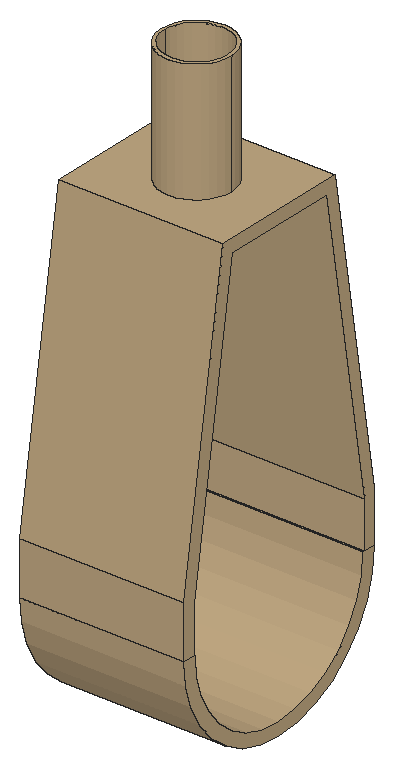
Revit family "7015 Swivel Ring Hanger Cu", category Pipe Accessories, Revit 2018
Family settings
  Round Connector Dimension = Use Diameter
  Part Type = Valve - Breaks Into
  Work Plane-Based = No
  Always vertical = Yes
  Cut with Voids When Loaded = No
  Shared = No
Parameters (values of type "7015 Swivel Ring Hanger Cu")
  test [instance] = pipe radius + MT - (Y2 / 2)  # 0.2575"
  pipe radius [instance] = Pipe Diameter / 2  # 0.5625"
  fillet1 [instance] = 0.110"  # constant formula
  Y2 [instance] = size_lookup(LookupTable, "Y2", 0.000", Nominal Diameter)  # 0.750"
  Weight [instance] = size_lookup(LookupTable, "Weight", "NA", Nominal Diameter)  # "0.1 lbs."
  W1 [instance] = size_lookup(LookupTable, "W1", 0.000", Nominal Diameter)  # 0.875"
  URL = "http://www.fnw.com"
  Standards Lookup Table = "Standards"  # constant formula
  R1 [instance] = pipe radius + MT  # 0.6325"
  Product ID [instance] = size_lookup(LookupTable, "ProductID", "NA", Nominal Diameter)  # "3859993"
  Pipe Diameter [instance] = size_lookup(Standards Lookup Table, "copper", 0.000", Nominal Diameter)  # 1.125"
  Part Number [instance] = size_lookup(LookupTable, "PartNumber", "NA", Nominal Diameter)  # "FNW7015EC0100"
  Nominal Diameter [instance] = 1"
  MT [instance] = size_lookup(LookupTable, "MT1", 0.000", Nominal Diameter)  # 0.070"
  LookupTable = "7015 Swivel Ring Hanger Cu"  # constant formula
  Intersection [instance] = pipe radius / 2  # 0.28125"
  Hole Size [instance] = size_lookup(LookupTable, "Hole Size", 0.000", Nominal Diameter)  # 0.1875"
  H2 [instance] = size_lookup(LookupTable, "H2", 0.000", Nominal Diameter)  # 2.53125"
  H12 [instance] = (H1 - Intersection) + MT  # 1.6025"
  H1 [instance] = size_lookup(LookupTable, "H1", 0.000", Nominal Diameter)  # 1.81375"
  Description BOM [instance] = size_lookup(LookupTable, "Description_BOM", "NA", Nominal Diameter)  # "1 7015 Swivel Ring Hanger Cu"
  CR [instance] = 0.170"  # constant formula
  Angle [instance] = atan(test / H12)  # 9.12862°
Reference planes (in)
  plane 1 "Center (Front/Back)": y = 0
  plane 2: z = 0
  plane 3 "Center (Left/Right)": x = 0
  plane 4: z = 1.81375
  plane 5: z = 1.88375
  plane 6: y = -0.375
  plane 7: y = 0.375
  plane 8: z = 2.53125
  plane 9: x = -0.4375
  plane 10: x = 0.4375
  plane 11: z = 0.6325
  plane 12: z = 0.28125
  plane 13: y = -0.6325
Forms (in)
  Extrusion 1, solid, material "Bronze, Cast"
    sketch origin (0, 0, 0) x (1, 0, 0) y (0, 1, 0)
      loop
        circle (0, -0.00307) r 0.17
      loop
        circle (0, -0.00307) r 0.1875
    from 1.88375 to 2.53125
  Extrusion 2, solid, material "Bronze, Cast"
    sketch origin (0, 0, 0) x (0, 1, 0) y (0, 0, 1)
      loop
        arc (-0.6325, 0) -> (0, -0.6325) -> (0.6325, 0) r 0.6325
        line (0.6325, 0) -> (0.5625, 0)
        arc (0.5625, 0) -> (0, -0.5625) -> (-0.5625, 0) r 0.5625
        line (-0.5625, 0) -> (-0.6325, 0)
    from -0.4375 to 0.4375
  Extrusion 3, solid, material "Bronze, Cast"
    sketch origin (0, 0, 0) x (0, 1, 0) y (0, 0, 1)
      loop
        line (-0.6325, 0) -> (-0.56664, 0) -> (-0.56664, 0.24992) -> (-0.31535, 1.81375) -> (0.32168, 1.81375) -> (0.57296, 0.24992) -> (0.57296, 0) -> (0.6325, 0) -> (0.6325, 0.28125) -> (0.375, 1.88375) -> (-0.375, 1.88375) -> (-0.6325, 0.28125) -> (-0.6325, 0)
    from -0.4375 to 0.4375
Lines and regions (in)
  model lines, style "center"
    curve 1: line (0, 0, 1.81375) -> (0, 0, 0)
    curve 2: line (0, -0.5625, 0) -> (0, 0.5625, 0)
Dimensions and locks (in)
  "MT": plane 4 to plane 5
  "H1": plane 2 to plane 4
  equal spacing: plane 6, plane 1 "Center (Front/Back)", plane 7
  "Y2": plane 6 to plane 7
  "H2": plane 2 to plane 8
  equal spacing: plane 9, plane 3 "Center (Left/Right)", plane 10
  "W1": plane 9 to plane 10
  "pipe radius": plane 1 "Center (Front/Back)" to curve 2
  "pipe radius": curve 2 to plane 1 "Center (Front/Back)"
  "R1": plane 2 to plane 11
  "Intersection": plane 12 to plane 2
  "MT": Extrusion 3 sketch curve to Extrusion 3 sketch curve
  plane 12 to plane 5 = 1.6025"
  Extrusion 3 sketch curve to plane 6 = 0.2575"
  "R1": plane 13 to plane 1 "Center (Front/Back)"
  "Hole Size": radius of Extrusion 1 sketch curve
  "CR": radius of Extrusion 1 sketch curve
  "R1": radius of Extrusion 2 sketch curve
  "pipe radius": radius of Extrusion 2 sketch curve
  "Angle": angle Extrusion 3 sketch curve to plane 1 "Center (Front/Back)"  (x2)
  "Angle": angle plane 1 "Center (Front/Back)" to Extrusion 3 sketch curve  (x2)
  aligned and locked: plane 2 to level
  aligned and locked: plane 5 to Extrusion 1
  aligned and locked: Extrusion 1 to plane 8
  aligned and locked: Extrusion 2 to plane 9
  aligned and locked: Extrusion 2 to plane 10
  aligned and locked: plane 4 to Extrusion 3 sketch curve
  aligned and locked: plane 5 to Extrusion 3 sketch curve  (x2)
  aligned and locked: plane 6 to Extrusion 3 sketch curve
  aligned and locked: Extrusion 3 to plane 9
  aligned and locked: Extrusion 3 to plane 10
  aligned and locked: Extrusion 3 to plane 13
  aligned and locked: plane 2 to Extrusion 3 sketch curve
  aligned and locked: Extrusion 2 sketch curve to plane 2  (x2)
Automatic sketch dimensions
  curve 1 to level = 0.000"
  curve 1 to plane 1 "Center (Front/Back)" = 0.000"
  plane 4 to curve 1 = 0.000"
  Extrusion 1 sketch curve to Extrusion 1 sketch curve = 0.000"  (x2)
  Extrusion 1 sketch curve to plane 3 "Center (Left/Right)" = 0.000"
  plane 1 "Center (Front/Back)" to Extrusion 1 sketch curve = 0.00307"
  Extrusion 2 sketch curve to Extrusion 2 sketch curve = 0.000"
  Extrusion 2 sketch curve to plane 13 = 0.000"
  Extrusion 3 sketch curve to level = 0.000"
  Extrusion 3 sketch curve to plane 7 = 0.000"
  Extrusion 3 sketch curve to plane 12 = 0.000"
  Extrusion 3 sketch curve to plane 12 = 0.03133"  (x2)
  plane 7 to Extrusion 3 sketch curve = 0.05332"
